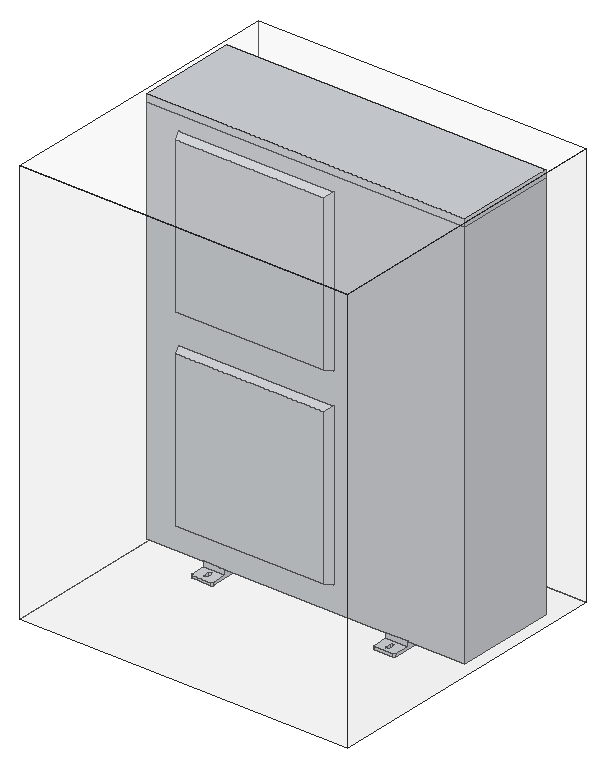
Revit family "puz-dhrmp80140ka3_50hz", category 機械設備, Revit 2019
Family settings
  丸型コネクタ寸法 = 直径を使用
  パーツ タイプ = 標準
  OmniClass 番号 = 23.75.10.24.21.27.27
  OmniClass タイトル = Split System Air Conditioning Units
  作業面ベース = いいえ
  常に垂直 = はい
  ロード時にボイドで切り取り = いいえ
  共有 = いいえ
  部屋計算ポイント = いいえ
Parameters (values of type "室外機_PUZ-DHRMP80KA3 (-BS_BSG)")
  音響パワーレベル_冷房 (dB) = 66
  音響パワーレベル_暖房 (dB) = 68
  音響パワーレベル(dB) = [音響パワーレベル_暖房 (dB)]  # 68
  電源種別 = ""
  電源位置Y = 2 mm
  電源位置Z = 1063 mm
  電源位置X = 325 mm
  電圧 = 200 V
  電動機出力_送風機 = 0.12 kW
  電動機出力_圧縮機 = 1.5 kW
  集中コントローラ [instance] = ""
  運転質量 = 0.00 kg
  運転方法 = "冷暖切替"
  質量 = if(製品質量 > 運転質量, 製品質量, 運転質量) * 1.2  # 138.00 kg
  負荷分類 = 1_熱源類
  説明 = "空冷H/P PAC インバータ室外機"
  設計暖房能力 [instance] = 0 kW
  設計冷房能力_顕熱 [instance] = 0 kW
  設計冷房能力 [instance] = 0 kW
  設置方法 = "床置形"
  記号 [instance] = ""
  製造元 = "三菱電機株式会社"
  製品質量 = 115.00 kg
  製品出荷対象 = "国内"
  製品リリース年月 = ""
  製品グループ = ""
  系統 [instance] = ""
  符号 = "PAC"
  積算_科目 = "1 空気調和設備"
  積算_拾い区分 [instance] = ""
  相 = 3
  盤記号 [instance] = ""
  発停方法 = "付属スイッチ"
  特殊仕様 [instance] = ""
  消費電力_暖房 = 1.92 kW
  消費電力_冷房 = 1.77 kW
  消費電力 = if(消費電力_冷房 > 消費電力_暖房, 消費電力_冷房, 消費電力_暖房)  # 1.92 kW
  法定耐用年数 = "6"
  構成品番 = "PUZ-DHRMP80KA3 (-BS,-BSG)"
  極数 = 3
  材質 [instance] = ""
  本体マテリアル = none
  最小電線太さ_mm2 = 5.5
  最大電流値 = 0 A
  暖房能力 = 8 kW
  推奨ブレーカー容量 = 30 A
  据付ピッチ1 = 0 mm
  形式 = "パッケージ形 室外機"
  形名 = PUZ-ZRMP-3 : PUZ-ZRMP112KA11
  幹線記号 [instance] = ""
  始動方式 = "インバータ始動方式"
  呼称 = "パッケージ形空気調和機_室外機"
  周波数 = 50 Hz
  価格 = 0
  ドレン　位置Z = 23 mm
  ドレン　位置Y = 176 mm
  ドレン　位置X = 45 mm
  アンカーボルト位置Y = 370 mm
  アンカーボルト位置X = 600 mm
  参照している仕様書等のバージョン = "公共建築物標準仕様書（機械設備工事編）平成31年度版"
  分類コード = "5.0053E+13"
  分類グループ = ""
  冷房能力 = 7.1 kW
  冷媒管（ガス）位置X = 483 mm
  冷媒管（液）位置X = 423 mm
  冷媒管（液）位置Y = 290 mm
  冷媒管（ガス）位置Y = 234 mm
  冷媒管長 [instance] = 0 mm
  冷媒管径符号 = "Bd"
  冷媒管径 = 100.00 mm
  冷媒管位置Z = 450 mm
  冷媒管位置Y = (冷媒管（液）位置Y + 冷媒管（ガス）位置Y) / 2  # 262 mm
  冷媒管位置X = (冷媒管（液）位置X + 冷媒管（ガス）位置X) / 2  # 453 mm
  冷媒液管径 = 9.52 mm
  冷媒ガス管径 = 15.88 mm
  企業コード = "108420"
  付属品 [instance] = ""
  仕様書バージョン = "Version1.0"
  ユニット数 = 1
  Model = ""
  ドレン管径 = 33.00 mm
  サービススペース = yes
  コメント [instance] = ""
  ケーブル種類1 = ""
  【値が 0 の項目は組合せ形名にてご確認ください】 = ""
  Width = 1050 mm
  Version = ""
  Uniclass2015Version = "Systems v1.9"
  Uniclass2015Title = "Split coil remote air cooled condensing units"
  Uniclass2015Code = "Pr_70_65_03_84"
  URL = "https://www.mitsubishielectric.co.jp/ldg/wink/ssl/top.do"
  SpecificationReference = ""
  SpecificationDescription = ""
  Revision = ""
  ProductInformation = ""
  OmniClassCode = "23-33 17 13 11"
  IfcTypeProduct = ""
  IfcProduct = ""
  IfcExportType = "AIRCONDITIONINGUNIT"
  IfcExportAs = "IfcUnitaryEquipmentType"
  Height = 1338 mm
  Depth = 330 mm
  Clearance Top = 0 mm
  Clearance Right = 15 mm
  Clearance Left = 15 mm
  Clearance Front = 500 mm
  Clearance Bottom = 0 mm
  Clearance Back = 150 mm
  COP = 0
  Author = "三菱電機株式会社"
  APF = 0
Reference planes
  plane 1 "中心(正面/背面)": y = 74
  plane 2: z = 0
  plane 3 "中心(左/右)": x = 830
  plane 4 "右": x = 1355
  plane 5 "左": x = 305
  plane 6 "背面": y = 239
  plane 7 "正面": y = -91
  plane 8 "上部": z = 1338
  plane 9 "Clearanse Top": z = 1338
  plane 10 "SS_back": y = 389
  plane 11 "SS_front": y = -591
  plane 12 "SS_left": x = 290
  plane 13 "SS_right": x = 1370
  plane 14: z = 0
  plane 15: y = -89
  plane 16: x = 1155
  plane 17: z = 1063
  plane 18: y = -87
  plane 19: y = -23
  plane 20: x = 1283
  plane 21: z = 450
  plane 22: z = 452
  plane 23: y = 63
  plane 24: x = 350
  plane 25: z = 25
  plane 26: z = 23
  plane 27: x = 530
  plane 28: x = 1130
  plane 29: y = 259
  plane 30: y = -111
Forms (mm)
  Extrusion 1, solid, detail levels fine
    sketch origin (0, -91, 0) x (1, 0, 0) y (0, 0, 1)
      loop
        circle (1155, 1063) r 13.5
    from -4 to -2
  Extrusion 2, solid, detail levels fine
    sketch origin (-1437.329, -1524, 54) x (-1, 0, 0) y (0, -1, 0)
      loop
        circle (-2720.329, -1501) r 50
    from 396 to 398
  Extrusion 3, solid, detail levels fine
    sketch origin (-1437.329, -1524, 54) x (-1, 0, 0) y (0, -1, 0)
      loop
        circle (-1787.329, -1587) r 16.5
    from -31 to -29
Lines and regions (mm)
  model lines, not visible
    curve 1: line (460, 178.667, 1289.179) -> (460, 297.73, 1289.179)
    curve 2: line (460, 178.667, 1056.056) -> (460, 178.667, 1289.179)
    curve 3: line (460, 297.73, 1056.056) -> (460, 178.667, 1056.056)
    curve 4: line (460, 297.73, 1289.179) -> (460, 297.73, 1056.056)
    curve 5: line (460, 47.598, 1289.179) -> (460, 166.661, 1289.179)
    curve 6: line (460, 47.598, 1056.056) -> (460, 47.598, 1289.179)
    curve 7: line (460, 166.661, 1056.056) -> (460, 47.598, 1056.056)
    curve 8: line (460, 166.661, 1289.179) -> (460, 166.661, 1056.056)
    curve 9: line (460, -83.471, 1289.179) -> (460, 35.592, 1289.179)
    curve 10: line (460, -83.471, 1056.056) -> (460, -83.471, 1289.179)
    curve 11: line (460, 35.592, 1056.056) -> (460, -83.471, 1056.056)
    curve 12: line (460, 35.592, 1289.179) -> (460, 35.592, 1056.056)
    curve 13: line (460, -150.779, 1289.179) -> (460, -95.75, 1289.179)
    curve 14: line (460, -150.779, 1056.056) -> (460, -150.779, 1289.179)
    curve 15: line (460, -95.75, 1056.056) -> (460, -150.779, 1056.056)
    curve 16: line (460, -95.75, 1289.179) -> (460, -95.75, 1056.056)
    curve 17: line (460, -150.779, 1283.175) -> (460, -132.596, 1283.175)
    curve 18: line (460, -150.779, 1062.059) -> (460, -150.779, 1283.175)
    curve 19: line (460, -132.596, 1062.059) -> (460, -150.779, 1062.059)
    curve 20: line (460, -132.596, 1283.175) -> (460, -132.596, 1062.059)
    curve 21: line (460, 178.667, 1046.051) -> (460, 297.73, 1046.051)
    curve 22: line (460, 178.667, 812.928) -> (460, 178.667, 1046.051)
    curve 23: line (460, 297.73, 812.928) -> (460, 178.667, 812.928)
    curve 24: line (460, 297.73, 1046.051) -> (460, 297.73, 812.928)
    curve 25: line (460, 47.598, 1046.051) -> (460, 166.661, 1046.051)
    curve 26: line (460, 47.598, 812.928) -> (460, 47.598, 1046.051)
    curve 27: line (460, 166.661, 812.928) -> (460, 47.598, 812.928)
    curve 28: line (460, 166.661, 1046.051) -> (460, 166.661, 812.928)
    curve 29: line (460, -83.471, 1046.051) -> (460, 35.592, 1046.051)
    curve 30: line (460, -83.471, 812.928) -> (460, -83.471, 1046.051)
    curve 31: line (460, 35.592, 812.928) -> (460, -83.471, 812.928)
    curve 32: line (460, 35.592, 1046.051) -> (460, 35.592, 812.928)
    curve 33: line (460, -150.779, 1046.051) -> (460, -95.75, 1046.051)
    curve 34: line (460, -150.779, 812.928) -> (460, -150.779, 1046.051)
    curve 35: line (460, -95.75, 812.928) -> (460, -150.779, 812.928)
    curve 36: line (460, -95.75, 1046.051) -> (460, -95.75, 812.928)
    curve 37: line (460, -150.779, 1040.048) -> (460, -132.596, 1040.048)
    curve 38: line (460, -150.779, 818.931) -> (460, -150.779, 1040.048)
    curve 39: line (460, -132.596, 818.931) -> (460, -150.779, 818.931)
    curve 40: line (460, -132.596, 1040.048) -> (460, -132.596, 818.931)
    curve 41: line (460, 178.667, 802.923) -> (460, 297.73, 802.923)
    curve 42: line (460, 178.667, 569.8) -> (460, 178.667, 802.923)
    curve 43: line (460, 297.73, 569.8) -> (460, 178.667, 569.8)
    curve 44: line (460, 297.73, 802.923) -> (460, 297.73, 569.8)
    curve 45: line (460, 47.598, 802.923) -> (460, 166.661, 802.923)
    curve 46: line (460, 47.598, 569.8) -> (460, 47.598, 802.923)
    curve 47: line (460, 166.661, 569.8) -> (460, 47.598, 569.8)
    curve 48: line (460, 166.661, 802.923) -> (460, 166.661, 569.8)
    curve 49: line (460, -83.471, 802.923) -> (460, 35.592, 802.923)
    curve 50: line (460, -83.471, 569.8) -> (460, -83.471, 802.923)
    curve 51: line (460, 35.592, 569.8) -> (460, -83.471, 569.8)
    curve 52: line (460, 35.592, 802.923) -> (460, 35.592, 569.8)
    curve 53: line (460, -150.779, 802.923) -> (460, -95.75, 802.923)
    curve 54: line (460, -150.779, 569.8) -> (460, -150.779, 802.923)
    curve 55: line (460, -95.75, 569.8) -> (460, -150.779, 569.8)
    curve 56: line (460, -95.75, 802.923) -> (460, -95.75, 569.8)
    curve 57: line (460, -150.779, 796.92) -> (460, -132.596, 796.92)
    curve 58: line (460, -150.779, 575.803) -> (460, -150.779, 796.92)
    curve 59: line (460, -132.596, 575.803) -> (460, -150.779, 575.803)
    curve 60: line (460, -132.596, 796.92) -> (460, -132.596, 575.803)
    curve 61: line (460, 178.667, 559.795) -> (460, 297.73, 559.795)
    curve 62: line (460, 178.667, 326.672) -> (460, 178.667, 559.795)
    curve 63: line (460, 297.73, 326.672) -> (460, 178.667, 326.672)
    curve 64: line (460, 297.73, 559.795) -> (460, 297.73, 326.672)
    curve 65: line (460, 47.598, 559.795) -> (460, 166.661, 559.795)
    curve 66: line (460, 47.598, 326.672) -> (460, 47.598, 559.795)
    curve 67: line (460, 166.661, 326.672) -> (460, 47.598, 326.672)
    curve 68: line (460, 166.661, 559.795) -> (460, 166.661, 326.672)
    curve 69: line (460, -83.471, 559.795) -> (460, 35.592, 559.795)
    curve 70: line (460, -83.471, 326.672) -> (460, -83.471, 559.795)
    curve 71: line (460, 35.592, 326.672) -> (460, -83.471, 326.672)
    curve 72: line (460, 35.592, 559.795) -> (460, 35.592, 326.672)
    curve 73: line (460, -150.779, 559.795) -> (460, -95.75, 559.795)
    curve 74: line (460, -150.779, 326.672) -> (460, -150.779, 559.795)
    curve 75: line (460, -95.75, 326.672) -> (460, -150.779, 326.672)
    curve 76: line (460, -95.75, 559.795) -> (460, -95.75, 326.672)
    curve 77: line (460, -150.779, 553.792) -> (460, -132.596, 553.792)
    curve 78: line (460, -150.779, 332.675) -> (460, -150.779, 553.792)
    curve 79: line (460, -132.596, 332.675) -> (460, -150.779, 332.675)
    curve 80: line (460, -132.596, 553.792) -> (460, -132.596, 332.675)
    curve 81: line (460, 178.667, 316.667) -> (460, 297.73, 316.667)
    curve 82: line (460, 178.667, 83.544) -> (460, 178.667, 316.667)
    curve 83: line (460, 297.73, 83.544) -> (460, 178.667, 83.544)
    curve 84: line (460, 297.73, 316.667) -> (460, 297.73, 83.544)
    curve 85: line (460, 47.598, 316.667) -> (460, 166.661, 316.667)
    curve 86: line (460, 47.598, 83.544) -> (460, 47.598, 316.667)
    curve 87: line (460, 166.661, 83.544) -> (460, 47.598, 83.544)
    curve 88: line (460, 166.661, 316.667) -> (460, 166.661, 83.544)
    curve 89: line (460, -83.471, 316.667) -> (460, 35.592, 316.667)
    curve 90: line (460, -83.471, 83.544) -> (460, -83.471, 316.667)
    curve 91: line (460, 35.592, 83.544) -> (460, -83.471, 83.544)
    curve 92: line (460, 35.592, 316.667) -> (460, 35.592, 83.544)
    curve 93: line (460, -150.779, 316.667) -> (460, -95.75, 316.667)
    curve 94: line (460, -150.779, 83.544) -> (460, -150.779, 316.667)
    curve 95: line (460, -95.75, 83.544) -> (460, -150.779, 83.544)
    curve 96: line (460, -95.75, 316.667) -> (460, -95.75, 83.544)
    curve 97: line (460, -150.779, 310.664) -> (460, -132.596, 310.664)
    curve 98: line (460, -150.779, 89.547) -> (460, -150.779, 310.664)
    curve 99: line (460, -132.596, 89.547) -> (460, -150.779, 89.547)
    curve 100: line (460, -132.596, 310.664) -> (460, -132.596, 89.547)
Dimensions and locks
  equal spacing: plane 7 "正面", plane 1 "中心(正面/背面)", plane 6 "背面"
  "Depth": plane 7 "正面" to plane 6 "背面"
  "Width": plane 5 "左" to plane 4 "右"
  equal spacing: plane 5 "左", plane 3 "中心(左/右)", plane 4 "右"
  "Clearance Left": plane 12 "SS_left" to plane 5 "左"
  "Clearance Right": plane 4 "右" to plane 13 "SS_right"
  "Clearance Back": plane 6 "背面" to plane 10 "SS_back"
  "Clearance Front": plane 11 "SS_front" to plane 7 "正面"
  "Height": plane 8 "上部" to level
  "Clearance Top": plane 9 "Clearanse Top" to plane 8 "上部"
  "Clearance Bottom": level to plane 14
  "電源位置X": plane 3 "中心(左/右)" to plane 16
  "電源位置Y": plane 7 "正面" to plane 15
  "電源位置Z": plane 17 to level
  locked: plane 15 to plane 18 at 2
  "冷媒管位置X": plane 3 "中心(左/右)" to plane 20
  "冷媒管位置Y": plane 19 to plane 6 "背面"
  "冷媒管位置Z": plane 21 to level
  locked: plane 22 to plane 21 at 2
  "ドレン　位置X": plane 5 "左" to plane 24
  "ドレン　位置Y": plane 23 to plane 6 "背面"
  locked: plane 25 to plane 26 at 2
  "ドレン　位置Z": plane 26 to level
  equal spacing: plane 30, plane 1 "中心(正面/背面)", plane 29
  "アンカーボルト位置Y": plane 30 to plane 29
  equal spacing: plane 27, plane 3 "中心(左/右)", plane 28
  "アンカーボルト位置X": plane 27 to plane 28
  radius of Extrusion 1 sketch curve = 13.5 mm
  "冷媒管径": diameter of Extrusion 2 sketch curve
  "ドレン管径": diameter of Extrusion 3 sketch curve
  aligned and locked: level to plane 2
  aligned and locked: plane 10 "SS_back" to nested 1  (x2)
  aligned and locked: plane 13 "SS_right" to nested 1
  aligned and locked: plane 12 "SS_left" to nested 1  (x2)
  aligned and locked: nested 1 to plane 13 "SS_right"
  aligned and locked: plane 11 "SS_front" to nested 1
  aligned and locked: plane 9 "Clearanse Top" to nested 1
  aligned and locked: plane 1 "中心(正面/背面)" to nested 2
  aligned and locked: plane 3 "中心(左/右)" to nested 2
  aligned and locked: plane 14 to nested 1
  aligned and locked: plane 17 to Extrusion 1 sketch curve
  aligned and locked: plane 16 to Extrusion 1 sketch curve
  aligned and locked: Extrusion 1 to plane 18
  aligned and locked: plane 15 to Extrusion 1
  aligned and locked: plane 19 to Extrusion 2 sketch curve
  aligned and locked: plane 20 to Extrusion 2 sketch curve
  aligned and locked: plane 22 to Extrusion 2
  aligned and locked: Extrusion 2 to plane 21
  aligned and locked: plane 24 to Extrusion 3 sketch curve
  aligned and locked: plane 23 to Extrusion 3 sketch curve
  aligned and locked: plane 25 to Extrusion 3
  aligned and locked: Extrusion 3 to plane 26
  aligned and locked: plane 27 to nested 3
  aligned and locked: plane 29 to nested 3
Nested families
  nested 1: "サービススペース" at (830, -101, 669), visible <- "サービススペース", type "サービススペース"
    with Width 1080 mm, Height 1338 mm, Depth 980 mm
  nested 2: "PUZ-ZRMP-3" at (830, 74, 0), type <- "形名", type "PUZ-ZRMP112KA11"
  nested 3: "固定点" at (530, -111, 0), type "固定点"
    with W 600 mm, D 370 mm
Connectors
  piping at (1283, -23, 450), diameter 100, driven by "冷媒管径", driven by "冷媒管径符号"
    settings: on Extrusion 2, index 1, connector inside diameter 609.60 mm, connector length 0 mm, flow factor 0, pipe flow 0.0 L/s, pressure drop 0.0 Pa, fitting loss kfactor 0, connector angle 0.00°, fixture units 0, engagement length 0 mm, angle of deflection 0.00°, flow configuration 1, flow direction 2, fitting loss method 4, system type 7, joint type 0, gender type 0, connector reference index -1, connector utility 0, adjustable connector no, is connector primary yes, connector description "Bd"
  electrical at (1155, -89, 1063), driven by "極数", driven by "負荷分類", driven by "電圧", driven by "消費電力"
    settings: on Extrusion 1, index 2, voltage 200 V, apparent load 1920 VA, apparent load phase1 0 VA, apparent load phase2 0 VA, apparent load phase3 0 VA, power factor 1, load classification "1_熱源類", number of poles 3, system type 30, power factor state 1, is connector primary yes, connector utility no, sub classification motor no, connector description ""
Definition of nested family "サービススペース"
  Parameters (values of type "サービススペース")
    Width [instance] = 500 mm
    Height [instance] = 500 mm
    Depth [instance] = 500 mm
  Reference planes
    plane 1 "中心(正面/背面)": y = 0
    plane 2: z = 0
    plane 3 "中心(左/右)": x = 0
    plane 4: y = -250
    plane 5: x = 250
    plane 6: y = 250
    plane 7: x = -250
    plane 8: z = 250
    plane 9: z = -250
  Forms (mm)
    Extrusion 1, solid
      sketch origin (-638.939, 0, 72.39) x (1, 0, 0) y (0, 1, 0)
        loop
          line (388.939, 250) -> (388.939, -250) -> (888.939, -250) -> (888.939, 250) -> (388.939, 250)
      from -322.39 to 177.61
  Lines and regions (mm)
    symbolic lines
      curve 1: line (-250, 0, 250) -> (250, 0, 250)
      curve 2: line (-250, 0, -250) -> (-250, 0, 250)
      curve 3: line (250, 0, -250) -> (-250, 0, -250)
      curve 4: line (250, 0, 250) -> (250, 0, -250)
      curve 5: line (0, -250, 250) -> (0, 250, 250)
      curve 6: line (0, -250, -250) -> (0, -250, 250)
      curve 7: line (0, 250, -250) -> (0, -250, -250)
      curve 8: line (0, 250, 250) -> (0, 250, -250)
      curve 9: line (-250, 250, 0) -> (250, 250, 0)
      curve 10: line (-250, -250, 0) -> (-250, 250, 0)
      curve 11: line (250, -250, 0) -> (-250, -250, 0)
      curve 12: line (250, 250, 0) -> (250, -250, 0)
  Dimensions and locks
    equal spacing: plane 7, plane 3 "中心(左/右)", plane 5
    equal spacing: plane 4, plane 1 "中心(正面/背面)", plane 6
    "Depth": plane 4 to plane 6
    "Width": plane 7 to plane 5
    equal spacing: plane 8, plane 2, plane 9
    "Height": plane 8 to plane 9
    aligned and locked: plane 9 to curve 3
    aligned and locked: plane 7 to curve 2
    aligned and locked: curve 4 to plane 5
    aligned and locked: plane 5 to Extrusion 1
    aligned and locked: Extrusion 1 to plane 7
    aligned and locked: Extrusion 1 to plane 9
    aligned and locked: plane 8 to Extrusion 1
    aligned and locked: plane 9 to curve 7
  Automatic sketch dimensions
    plane 4 to Extrusion 1 sketch curve = 0 mm
    Extrusion 1 sketch curve to plane 7 = 0 mm
    Extrusion 1 sketch curve to plane 5 = 0 mm
    plane 6 to Extrusion 1 sketch curve = 0 mm
    curve 2 to plane 8 = 0 mm
    plane 4 to curve 11 = 0 mm
    curve 11 to plane 7 = 0 mm
    curve 11 to plane 5 = 0 mm
    plane 6 to curve 10 = 0 mm
    curve 7 to plane 4 = 0 mm
    curve 7 to plane 6 = 0 mm
    curve 6 to plane 8 = 0 mm
Definition of nested family "PUZ-ZRMP-3"
  Parameters (values of type "PUZ-ZRMP112KA11")
    配線取出口サイズ = 27 mm
    配線取出口-Z = 1063 mm
    配線取出口-Y = 325 mm
    配線取出口-X = 325 mm
    液配管サイズ = 100 mm
    高さ = 1338 mm
    換気-W = 362 mm
    換気-H2 = 632 mm
    換気-H1 = 369 mm
    換気-D = 25 mm
    奥行き = 330 mm
    吊りボルト_H = 0 mm
    吊りボルト-φ = 12 mm
    冷媒配管サイズ = 9.52 mm
    冷媒液管径-Z = 450 mm
    冷媒液管径-Y = 290 mm
    冷媒液管径-X = 423 mm
    冷媒ガス管径-Z = 421 mm
    冷媒ガス管径-Y = 234 mm
    冷媒ガス管径-X = 483 mm
    吊りボルト-W = 600 mm
    マテリアル = none
    ドレン配管サイズ = 33 mm
    ドレン管径-Z = 0 mm
    ドレン管径-Y = 154 mm
    ドレン管径-X = 480 mm
    タイプ3 = yes
    タイプ2 = no
    タイプ1 = no
    ガス配管サイズ = 15.88 mm
    吊りボルト-D = 370 mm
    幅さ = 1050 mm
    a = 幅さ / 2  # 525 mm
  Reference planes
    plane 1 "中心(正面/背面)": y = 0
    plane 2: z = 0
    plane 3 "中心(左/右)": x = 0
    plane 4: z = 1338
    plane 5: x = -525
    plane 6: x = 525
    plane 7: y = 165
    plane 8: y = -165
    plane 9: x = 587
    plane 10: y = -105
    plane 11: y = 5
    plane 12: z = 1313
    plane 13: x = -545
    plane 14: x = -300
    plane 15: x = 300
    plane 16: y = 185
    plane 17: y = -185
    plane 18: x = 335
    plane 19: x = 265
    plane 20: x = -265
    plane 21: x = -335
    plane 22: y = 204
    plane 23: y = -218
    plane 24: z = 8.5
    plane 25: z = 25
    plane 26: z = 23
    plane 27: z = 1333
    plane 28: y = -40
    plane 29: y = 40
    plane 30: y = -30
    plane 31: y = 30
    plane 32: z = 1318
    plane 33: z = 55
    plane 34: z = 225
    plane 35: z = 570
    plane 36: x = 535
    plane 37: x = 556
    plane 38: y = -190
    plane 39: x = -163
    plane 40: z = 369
    plane 41: x = 91
    plane 42: x = -417
    plane 43: z = 633
    plane 44: z = 105
    plane 45: x = -407
    plane 46: x = 81
    plane 47: z = 623
    plane 48: z = 115
    plane 49: y = 115
    plane 50: y = -115
    plane 51: x = -480
    plane 52: y = -11
    plane 53: x = 483
    plane 54: x = 325
    plane 55: y = -160
    plane 56: y = -125
    plane 57: y = -69
    plane 58: x = 423
    plane 59: z = 421
    plane 60: z = 450
    plane 61: z = 1063
    plane 62: y = -110
    plane 63: z = 550
    plane 64: z = 550
    plane 65: x = 453
    plane 66: y = -97
    plane 67 "グループ": x = -525
    plane 68: z = 1338
    plane 69: z = 943
    plane 70: z = 1001
    plane 71: z = 1265
    plane 72: z = 737
    plane 73: z = 1255
    plane 74: z = 747
    plane 75: y = 125
    plane 76: x = -370
    plane 77: x = -210
    plane 78: x = -50
    plane 79: x = 110
  Forms (mm)
    Extrusion 1, solid, visible <- "タイプ3", detail levels fine
      sketch origin (-1437.329, -1524, 1338) x (-1, 0, 0) y (0, -1, 0)
        loop
          line (-1102.329, -1689) -> (-1102.329, -1359) -> (-1172.329, -1359) -> (-1172.329, -1689) -> (-1102.329, -1689)
        loop
          line (-1702.329, -1689) -> (-1702.329, -1359) -> (-1772.329, -1359) -> (-1772.329, -1689) -> (-1702.329, -1689)
      from -1338 to -1313
    Extrusion 2, solid, material <- "マテリアル", visible <- "タイプ3", detail levels fine
      sketch origin (-1437.329, -1524, 1338) x (-1, 0, 0) y (0, -1, 0)
        loop
          line (-1962.329, -1689) -> (-912.329, -1689) -> (-912.329, -1359) -> (-1962.329, -1359) -> (-1962.329, -1689)
      from -1313 to -25
    Extrusion 3, solid, material <- "マテリアル", visible <- "タイプ3", detail levels fine
      sketch origin (-1437.329, -1524, 1338) x (-1, 0, 0) y (0, -1, 0)
        loop
          line (-912.329, -1689) -> (-912.329, -1359) -> (-1962.329, -1359) -> (-1962.329, -1689) -> (-912.329, -1689)
      from -25 to 0
    Blend 4, solid, material <- "マテリアル", visible <- "タイプ3", detail levels fine
      base sketch origin (0, 0, 0) x (1, 0, 0) y (0, 0, 1)
        loop
          line (-417, 633) -> (-417, 105) -> (91, 105) -> (91, 633) -> (-417, 633)
      top sketch origin (0, 0, 0) x (1, 0, 0) y (0, 0, 1)
        loop
          line (-407, 623) -> (-407, 115) -> (81, 115) -> (81, 623) -> (-407, 623)
      from 165 to 190
    Extrusion 5, solid, material <- "マテリアル", visible <- "タイプ3", detail levels fine
      sketch origin (-1437.329, -1524, 1338) x (-1, 0, 0) y (0, -1, 0)
        loop
          circle (-1920.329, -1455) r 7.94
      from -917 to -788
    Extrusion 6, solid, material <- "マテリアル", visible <- "タイプ3", detail levels fine
      sketch origin (-1437.329, -1524, 1338) x (-1, 0, 0) y (0, -1, 0)
        loop
          circle (-1860.329, -1399) r 4.76
      from -888 to -788
    Extrusion 7, solid, material <- "マテリアル", visible <- "タイプ3", detail levels fine
      sketch origin (1480.036, -190, 1200) x (1, 0, 0) y (0, 0, 1)
        loop
          circle (-1155.036, -137) r 13.5
      from -80 to -30
    Extrusion 8, solid, material <- "マテリアル", visible <- "タイプ3", detail levels fine
      sketch origin (-1437.329, -1524, 1338) x (-1, 0, 0) y (0, -1, 0)
        loop
          circle (-1890.329, -1427) r 50
      from -888 to -788
    Blend 9, solid, material <- "マテリアル", visible <- "タイプ3", detail levels fine
      base sketch origin (1480.036, -190, 1200) x (1, 0, 0) y (0, 0, 1)
        loop
          line (-1897.036, 65) -> (-1897.036, -463) -> (-1389.036, -463) -> (-1389.036, 65) -> (-1897.036, 65)
      top sketch origin (1480.036, -190, 1200) x (1, 0, 0) y (0, 0, 1)
        loop
          line (-1887.036, 55) -> (-1887.036, -453) -> (-1399.036, -453) -> (-1399.036, 55) -> (-1887.036, 55)
      from -25 to 0
    Extrusion 10, solid, visible <- "タイプ3", detail levels fine
      sketch origin (-1437.329, -1524, 1338) x (-1, 0, 0) y (0, -1, 0)
        loop
          line (-1102.329, -1728) -> (-1102.329, -1689) -> (-1172.329, -1689) -> (-1172.329, -1728) -> (-1143.329, -1728) -> (-1143.329, -1709)
          arc (-1143.329, -1709) -> (-1137.329, -1703) -> (-1131.329, -1709) r 6
          line (-1131.329, -1709) -> (-1131.329, -1728) -> (-1102.329, -1728)
        loop
          line (-1102.329, -1359) -> (-1102.329, -1311)
          arc (-1102.329, -1311) -> (-1103.794, -1307.464) -> (-1107.329, -1306) r 5
          line (-1107.329, -1306) -> (-1167.329, -1306)
          arc (-1167.329, -1306) -> (-1170.865, -1307.464) -> (-1172.329, -1311) r 5
          line (-1172.329, -1311) -> (-1172.329, -1359) -> (-1102.329, -1359)
        loop
          arc (-1143.329, -1339) -> (-1137.329, -1345) -> (-1131.329, -1339) r 6
          line (-1131.329, -1339) -> (-1131.329, -1324)
          arc (-1131.329, -1324) -> (-1137.329, -1318) -> (-1143.329, -1324) r 6
          line (-1143.329, -1324) -> (-1143.329, -1339)
        loop
          line (-1772.329, -1728) -> (-1743.329, -1728) -> (-1743.329, -1709)
          arc (-1743.329, -1709) -> (-1737.329, -1703) -> (-1731.329, -1709) r 6
          line (-1731.329, -1709) -> (-1731.329, -1728) -> (-1702.329, -1728) -> (-1702.329, -1689) -> (-1772.329, -1689) -> (-1772.329, -1728)
        loop
          line (-1772.329, -1359) -> (-1702.329, -1359) -> (-1702.329, -1311)
          arc (-1702.329, -1311) -> (-1703.794, -1307.464) -> (-1707.329, -1306) r 5
          line (-1707.329, -1306) -> (-1767.329, -1306)
          arc (-1767.329, -1306) -> (-1770.865, -1307.464) -> (-1772.329, -1311) r 5
          line (-1772.329, -1311) -> (-1772.329, -1359)
        loop
          line (-1731.329, -1339) -> (-1731.329, -1324)
          arc (-1731.329, -1324) -> (-1737.329, -1318) -> (-1743.329, -1324) r 6
          line (-1743.329, -1324) -> (-1743.329, -1339)
          arc (-1743.329, -1339) -> (-1737.329, -1345) -> (-1731.329, -1339) r 6
      from -1338 to -1329.5
    Extrusion 11, solid, material <- "マテリアル", visible <- "タイプ3", detail levels fine
      sketch origin (-1437.329, -1524, 1338) x (-1, 0, 0) y (0, -1, 0)
        loop
          circle (-957.329, -1513) r 16.5
        loop
          circle (-1067.329, -1649) r 16.5
        loop
          circle (-1227.329, -1649) r 16.5
        loop
          circle (-1387.329, -1649) r 16.5
        loop
          circle (-1547.329, -1649) r 16.5
      from -1315 to -1313
  Cuts and joins
    joined: Extrusion 1, Extrusion 10
  Lines and regions (mm)
    Masking region 1, visible <- "タイプ3", detail levels coarse+medium
      outline origin (-1437.329, -1524, 1338) x (-1, 0, 0) y (0, -1, 0)
        loop
          line (-1962.329, -1689) -> (-1772.329, -1689) -> (-1772.329, -1728) -> (-1702.329, -1728) -> (-1702.329, -1689) -> (-1172.329, -1689) -> (-1172.329, -1728) -> (-1102.329, -1728) -> (-1102.329, -1689) -> (-912.329, -1689) -> (-912.329, -1359) -> (-1020.329, -1359) -> (-1030.329, -1334) -> (-1102.329, -1334) -> (-1102.329, -1306) -> (-1172.329, -1306) -> (-1172.329, -1334) -> (-1518.329, -1334) -> (-1528.329, -1359) -> (-1702.329, -1359) -> (-1702.329, -1306) -> (-1772.329, -1306) -> (-1772.329, -1359) -> (-1962.329, -1359) -> (-1962.329, -1689)
    model lines, visible <- "タイプ3", detail levels fine
      curve 1: line (447, 115, 1338) -> (-445, 115, 1338)
      curve 2: line (-445, -115, 1338) -> (447, -115, 1338)
      curve 3: line (-445, -45, 1338) -> (447, -45, 1338)
      curve 4: line (447, 45, 1338) -> (-445, 45, 1338)
      curve 5: line (-445, -35, 1338) -> (447, -35, 1338)
      curve 6: line (447, 35, 1338) -> (-445, 35, 1338)
      curve 7: line (-445, 115, 1338) -> (-445, 45, 1338)
      curve 8: line (447, -115, 1338) -> (447, -45, 1338)
      curve 9: line (-445, 35, 1338) -> (-445, -35, 1338)
      curve 10: line (-445, -45, 1338) -> (-445, -115, 1338)
      curve 11: line (447, -35, 1338) -> (447, 35, 1338)
      curve 12: line (447, 45, 1338) -> (447, 115, 1338)
      curve 13: line (479, -115, 1338) -> (479, 115, 1338)
      curve 14: line (462, -115, 1338) -> (462, 115, 1338)
      curve 15: line (-475, 115, 1338) -> (-475, -115, 1338)
      curve 16: line (-460, 115, 1338) -> (-460, -115, 1338)
      curve 17: line (-460, 115, 1338) -> (-475, 115, 1338)
      curve 18: line (-460, -115, 1338) -> (-475, -115, 1338)
      curve 19: line (462, 115, 1338) -> (479, 115, 1338)
      curve 20: line (462, -115, 1338) -> (479, -115, 1338)
      curve 21: line (-407, -190, 416.5) -> (81, -190, 416.5)
      curve 22: line (81, -190, 321.5) -> (-407, -190, 321.5)
      curve 23: line (-407, -190, 511.5) -> (81, -190, 511.5)
      curve 24: line (-407, -190, 606.5) -> (81, -190, 606.5)
      curve 25: line (81, -190, 226.5) -> (-407, -190, 226.5)
      curve 26: line (81, -190, 131.5) -> (-407, -190, 131.5)
      curve 27: line (-389.571, -190, 623) -> (-389.571, -190, 115)
      curve 28: line (63.571, -190, 115) -> (63.571, -190, 623)
      curve 29: line (-372.143, -190, 623) -> (-372.143, -190, 115)
      curve 30: line (-354.714, -190, 623) -> (-354.714, -190, 115)
      curve 31: line (-337.286, -190, 623) -> (-337.286, -190, 115)
      curve 32: line (-319.857, -190, 623) -> (-319.857, -190, 115)
      curve 33: line (-302.429, -190, 623) -> (-302.429, -190, 115)
      curve 34: line (-285, -190, 623) -> (-285, -190, 115)
      curve 35: line (-267.571, -190, 623) -> (-267.571, -190, 115)
      curve 36: line (-250.143, -190, 623) -> (-250.143, -190, 115)
      curve 37: line (-232.714, -190, 623) -> (-232.714, -190, 115)
      curve 38: line (-215.286, -190, 623) -> (-215.286, -190, 115)
      curve 39: line (-197.857, -190, 623) -> (-197.857, -190, 115)
      curve 40: line (-180.429, -190, 623) -> (-180.429, -190, 115)
      curve 41: line (-163, -190, 623) -> (-163, -190, 115)
      curve 42: line (-145.571, -190, 623) -> (-145.571, -190, 115)
      curve 43: line (-128.143, -190, 623) -> (-128.143, -190, 115)
      curve 44: line (-110.714, -190, 623) -> (-110.714, -190, 115)
      curve 45: line (-93.286, -190, 623) -> (-93.286, -190, 115)
      curve 46: line (-75.857, -190, 623) -> (-75.857, -190, 115)
      curve 47: line (-58.429, -190, 623) -> (-58.429, -190, 115)
      curve 48: line (-41, -190, 623) -> (-41, -190, 115)
      curve 49: line (-23.571, -190, 623) -> (-23.571, -190, 115)
      curve 50: line (-6.143, -190, 623) -> (-6.143, -190, 115)
      curve 51: line (11.286, -190, 623) -> (11.286, -190, 115)
      curve 52: line (28.714, -190, 623) -> (28.714, -190, 115)
      curve 53: line (46.143, -190, 623) -> (46.143, -190, 115)
      curve 54: line (-525, -100, 87) -> (-525, -60, 87)
      curve 55: line (-525, -100, 277) -> (-525, -100, 87)
      curve 56: line (-525, -60, 277) -> (-525, -100, 277)
      curve 57: line (-525, -60, 87) -> (-525, -60, 277)
      curve 58: line (-525, -100, 292) -> (-525, -60, 292)
      curve 59: line (-525, -100, 482) -> (-525, -100, 292)
      curve 60: line (-525, -60, 482) -> (-525, -100, 482)
      curve 61: line (-525, -60, 292) -> (-525, -60, 482)
      curve 62: line (-525, -100, 497) -> (-525, -60, 497)
      curve 63: line (-525, -100, 687) -> (-525, -100, 497)
      curve 64: line (-525, -60, 687) -> (-525, -100, 687)
      curve 65: line (-525, -60, 497) -> (-525, -60, 687)
      curve 66: line (-525, -100, 702) -> (-525, -60, 702)
      curve 67: line (-525, -100, 892) -> (-525, -100, 702)
      curve 68: line (-525, -60, 892) -> (-525, -100, 892)
      curve 69: line (-525, -60, 702) -> (-525, -60, 892)
      curve 70: line (-525, 60, 87) -> (-525, 100, 87)
      curve 71: line (-525, 60, 277) -> (-525, 60, 87)
      curve 72: line (-525, 100, 277) -> (-525, 60, 277)
      curve 73: line (-525, 100, 87) -> (-525, 100, 277)
      curve 74: line (-525, -46.667, 87) -> (-525, -6.667, 87)
      curve 75: line (-525, -46.667, 277) -> (-525, -46.667, 87)
      curve 76: line (-525, -6.667, 277) -> (-525, -46.667, 277)
      curve 77: line (-525, -6.667, 87) -> (-525, -6.667, 277)
      curve 78: line (-525, 6.667, 87) -> (-525, 46.667, 87)
      curve 79: line (-525, 6.667, 277) -> (-525, 6.667, 87)
      curve 80: line (-525, 46.667, 277) -> (-525, 6.667, 277)
      curve 81: line (-525, 46.667, 87) -> (-525, 46.667, 277)
      curve 82: line (-525, 60, 292) -> (-525, 100, 292)
      curve 83: line (-525, 60, 482) -> (-525, 60, 292)
      curve 84: line (-525, 100, 482) -> (-525, 60, 482)
      curve 85: line (-525, 100, 292) -> (-525, 100, 482)
      curve 86: line (-525, 60, 702) -> (-525, 100, 702)
      curve 87: line (-525, 60, 892) -> (-525, 60, 702)
      curve 88: line (-525, 100, 892) -> (-525, 60, 892)
      curve 89: line (-525, 100, 702) -> (-525, 100, 892)
      curve 90: line (-525, -46.667, 292) -> (-525, -6.667, 292)
      curve 91: line (-525, -46.667, 482) -> (-525, -46.667, 292)
      curve 92: line (-525, -6.667, 482) -> (-525, -46.667, 482)
      curve 93: line (-525, -6.667, 292) -> (-525, -6.667, 482)
      curve 94: line (-525, -46.667, 497) -> (-525, -6.667, 497)
      curve 95: line (-525, -46.667, 687) -> (-525, -46.667, 497)
      curve 96: line (-525, -6.667, 687) -> (-525, -46.667, 687)
      curve 97: line (-525, -6.667, 497) -> (-525, -6.667, 687)
      curve 98: line (-525, -46.667, 702) -> (-525, -6.667, 702)
      curve 99: line (-525, -46.667, 892) -> (-525, -46.667, 702)
      curve 100: line (-525, -6.667, 892) -> (-525, -46.667, 892)
      curve 101: line (-525, -6.667, 702) -> (-525, -6.667, 892)
      curve 102: line (-525, 6.667, 292) -> (-525, 46.667, 292)
      curve 103: line (-525, 6.667, 482) -> (-525, 6.667, 292)
      curve 104: line (-525, 46.667, 482) -> (-525, 6.667, 482)
      curve 105: line (-525, 46.667, 292) -> (-525, 46.667, 482)
      curve 106: line (-525, 6.667, 497) -> (-525, 46.667, 497)
      curve 107: line (-525, 6.667, 687) -> (-525, 6.667, 497)
      curve 108: line (-525, 46.667, 687) -> (-525, 6.667, 687)
      curve 109: line (-525, 46.667, 497) -> (-525, 46.667, 687)
      curve 110: line (-525, 6.667, 702) -> (-525, 46.667, 702)
      curve 111: line (-525, 6.667, 892) -> (-525, 6.667, 702)
      curve 112: line (-525, 46.667, 892) -> (-525, 6.667, 892)
      curve 113: line (-525, 46.667, 702) -> (-525, 46.667, 892)
      curve 114: line (-525, -100, 907) -> (-525, -60, 907)
      curve 115: line (-525, -100, 1097) -> (-525, -100, 907)
      curve 116: line (-525, -60, 1097) -> (-525, -100, 1097)
      curve 117: line (-525, -60, 907) -> (-525, -60, 1097)
      curve 118: line (-525, 60, 907) -> (-525, 100, 907)
      curve 119: line (-525, 60, 1097) -> (-525, 60, 907)
      curve 120: line (-525, 100, 1097) -> (-525, 60, 1097)
      curve 121: line (-525, 100, 907) -> (-525, 100, 1097)
      curve 122: line (-525, -46.667, 907) -> (-525, -6.667, 907)
      curve 123: line (-525, -46.667, 1097) -> (-525, -46.667, 907)
      curve 124: line (-525, -6.667, 1097) -> (-525, -46.667, 1097)
      curve 125: line (-525, -6.667, 907) -> (-525, -6.667, 1097)
      curve 126: line (-525, 6.667, 907) -> (-525, 46.667, 907)
      curve 127: line (-525, 6.667, 1097) -> (-525, 6.667, 907)
      curve 128: line (-525, 46.667, 1097) -> (-525, 6.667, 1097)
      curve 129: line (-525, 46.667, 907) -> (-525, 46.667, 1097)
      curve 130: line (-525, -100, 1112) -> (-525, -60, 1112)
      curve 131: line (-525, -100, 1302) -> (-525, -100, 1112)
      curve 132: line (-525, -60, 1302) -> (-525, -100, 1302)
      curve 133: line (-525, -60, 1112) -> (-525, -60, 1302)
      curve 134: line (-525, 60, 1112) -> (-525, 100, 1112)
      curve 135: line (-525, 60, 1302) -> (-525, 60, 1112)
      curve 136: line (-525, 100, 1302) -> (-525, 60, 1302)
      curve 137: line (-525, 100, 1112) -> (-525, 100, 1302)
      curve 138: line (-525, -46.667, 1112) -> (-525, -6.667, 1112)
      curve 139: line (-525, -46.667, 1302) -> (-525, -46.667, 1112)
      curve 140: line (-525, -6.667, 1302) -> (-525, -46.667, 1302)
      curve 141: line (-525, -6.667, 1112) -> (-525, -6.667, 1302)
      curve 142: line (-525, 6.667, 1112) -> (-525, 46.667, 1112)
      curve 143: line (-525, 6.667, 1302) -> (-525, 6.667, 1112)
      curve 144: line (-525, 46.667, 1302) -> (-525, 6.667, 1302)
      curve 145: line (-525, 46.667, 1112) -> (-525, 46.667, 1302)
      curve 303: line (81, -190, 1238.5) -> (-407, -190, 1238.5)
      curve 304: line (-407, -190, 763.5) -> (81, -190, 763.5)
      curve 305: line (-389.571, -190, 1255) -> (-389.571, -190, 747)
      curve 306: line (81, -190, 858.5) -> (-407, -190, 858.5)
      curve 307: line (81, -190, 1143.5) -> (-407, -190, 1143.5)
      curve 308: line (81, -190, 1048.5) -> (-407, -190, 1048.5)
      curve 309: line (-407, -190, 953.5) -> (81, -190, 953.5)
      curve 310: line (-372.143, -190, 1255) -> (-372.143, -190, 747)
      curve 311: line (-354.714, -190, 1255) -> (-354.714, -190, 747)
      curve 312: line (-337.286, -190, 1255) -> (-337.286, -190, 747)
      curve 313: line (-319.857, -190, 1255) -> (-319.857, -190, 747)
      curve 314: line (-302.429, -190, 1255) -> (-302.429, -190, 747)
      curve 315: line (-285, -190, 1255) -> (-285, -190, 747)
      curve 316: line (-267.571, -190, 1255) -> (-267.571, -190, 747)
      curve 317: line (-250.143, -190, 1255) -> (-250.143, -190, 747)
      curve 318: line (-232.714, -190, 1255) -> (-232.714, -190, 747)
      curve 319: line (-215.286, -190, 1255) -> (-215.286, -190, 747)
      curve 320: line (-197.857, -190, 1255) -> (-197.857, -190, 747)
      curve 321: line (-180.429, -190, 1255) -> (-180.429, -190, 747)
      curve 322: line (-163, -190, 1255) -> (-163, -190, 747)
      curve 323: line (-145.571, -190, 1255) -> (-145.571, -190, 747)
      curve 324: line (-128.143, -190, 1255) -> (-128.143, -190, 747)
      curve 325: line (-110.714, -190, 1255) -> (-110.714, -190, 747)
      curve 326: line (-93.286, -190, 1255) -> (-93.286, -190, 747)
      curve 327: line (-75.857, -190, 1255) -> (-75.857, -190, 747)
      curve 328: line (-58.429, -190, 1255) -> (-58.429, -190, 747)
      curve 329: line (-41, -190, 1255) -> (-41, -190, 747)
      curve 330: line (-23.571, -190, 1255) -> (-23.571, -190, 747)
      curve 331: line (-6.143, -190, 1255) -> (-6.143, -190, 747)
      curve 332: line (11.286, -190, 1255) -> (11.286, -190, 747)
      curve 333: line (28.714, -190, 1255) -> (28.714, -190, 747)
      curve 334: line (46.143, -190, 1255) -> (46.143, -190, 747)
      curve 335: line (63.571, -190, 1255) -> (63.571, -190, 747)
    model lines, visible <- "タイプ3", not visible, detail levels fine
      curve 146: line (-525, -100, 907) -> (-525, -60, 907)
      curve 147: line (-525, -100, 1097) -> (-525, -100, 907)
      curve 148: line (-525, -60, 1097) -> (-525, -100, 1097)
      curve 149: line (-525, -60, 907) -> (-525, -60, 1097)
      curve 150: line (-525, 60, 907) -> (-525, 100, 907)
      curve 151: line (-525, 60, 1097) -> (-525, 60, 907)
      curve 152: line (-525, 100, 1097) -> (-525, 60, 1097)
      curve 153: line (-525, 100, 907) -> (-525, 100, 1097)
      curve 154: line (-525, -46.667, 907) -> (-525, -6.667, 907)
      curve 155: line (-525, -46.667, 1097) -> (-525, -46.667, 907)
      curve 156: line (-525, -6.667, 1097) -> (-525, -46.667, 1097)
      curve 157: line (-525, -6.667, 907) -> (-525, -6.667, 1097)
      curve 158: line (-525, 6.667, 907) -> (-525, 46.667, 907)
      curve 159: line (-525, 6.667, 1097) -> (-525, 6.667, 907)
      curve 160: line (-525, 46.667, 1097) -> (-525, 6.667, 1097)
      curve 161: line (-525, 46.667, 907) -> (-525, 46.667, 1097)
      curve 162: line (-525, -100, 1112) -> (-525, -60, 1112)
      curve 163: line (-525, -100, 1302) -> (-525, -100, 1112)
      curve 164: line (-525, -60, 1302) -> (-525, -100, 1302)
      curve 165: line (-525, -60, 1112) -> (-525, -60, 1302)
      curve 166: line (-525, 60, 1112) -> (-525, 100, 1112)
      curve 167: line (-525, 60, 1302) -> (-525, 60, 1112)
      curve 168: line (-525, 100, 1302) -> (-525, 60, 1302)
      curve 169: line (-525, 100, 1112) -> (-525, 100, 1302)
      curve 170: line (-525, -46.667, 1112) -> (-525, -6.667, 1112)
      curve 171: line (-525, -46.667, 1302) -> (-525, -46.667, 1112)
      curve 172: line (-525, -6.667, 1302) -> (-525, -46.667, 1302)
      curve 173: line (-525, -6.667, 1112) -> (-525, -6.667, 1302)
      curve 174: line (-525, 6.667, 1112) -> (-525, 46.667, 1112)
      curve 175: line (-525, 6.667, 1302) -> (-525, 6.667, 1112)
      curve 176: line (-525, 46.667, 1302) -> (-525, 6.667, 1302)
      curve 177: line (-525, 46.667, 1112) -> (-525, 46.667, 1302)
      curve 194: line (-525, -100, 87) -> (-525, -60, 87)
      curve 195: line (-525, -100, 277) -> (-525, -100, 87)
      curve 196: line (-525, -60, 277) -> (-525, -100, 277)
      curve 197: line (-525, -60, 87) -> (-525, -60, 277)
      curve 198: line (-525, -100, 292) -> (-525, -60, 292)
      curve 199: line (-525, -100, 482) -> (-525, -100, 292)
      curve 200: line (-525, -60, 482) -> (-525, -100, 482)
      curve 201: line (-525, -60, 292) -> (-525, -60, 482)
      curve 202: line (-525, -100, 497) -> (-525, -60, 497)
      curve 203: line (-525, -100, 687) -> (-525, -100, 497)
      curve 204: line (-525, -60, 687) -> (-525, -100, 687)
      curve 205: line (-525, -60, 497) -> (-525, -60, 687)
      curve 206: line (-525, -100, 702) -> (-525, -60, 702)
      curve 207: line (-525, -100, 892) -> (-525, -100, 702)
      curve 208: line (-525, -60, 892) -> (-525, -100, 892)
      curve 209: line (-525, -60, 702) -> (-525, -60, 892)
      curve 210: line (-525, 60, 87) -> (-525, 100, 87)
      curve 211: line (-525, 60, 277) -> (-525, 60, 87)
      curve 212: line (-525, 100, 277) -> (-525, 60, 277)
      curve 213: line (-525, 100, 87) -> (-525, 100, 277)
      curve 214: line (-525, -46.667, 87) -> (-525, -6.667, 87)
      curve 215: line (-525, -46.667, 277) -> (-525, -46.667, 87)
      curve 216: line (-525, -6.667, 277) -> (-525, -46.667, 277)
      curve 217: line (-525, -6.667, 87) -> (-525, -6.667, 277)
      curve 218: line (-525, 6.667, 87) -> (-525, 46.667, 87)
      curve 219: line (-525, 6.667, 277) -> (-525, 6.667, 87)
      curve 220: line (-525, 46.667, 277) -> (-525, 6.667, 277)
      curve 221: line (-525, 46.667, 87) -> (-525, 46.667, 277)
      curve 222: line (-525, 60, 292) -> (-525, 100, 292)
      curve 223: line (-525, 60, 482) -> (-525, 60, 292)
      curve 224: line (-525, 100, 482) -> (-525, 60, 482)
      curve 225: line (-525, 100, 292) -> (-525, 100, 482)
      curve 226: line (-525, 60, 702) -> (-525, 100, 702)
      curve 227: line (-525, 60, 892) -> (-525, 60, 702)
      curve 228: line (-525, 100, 892) -> (-525, 60, 892)
      curve 229: line (-525, 100, 702) -> (-525, 100, 892)
      curve 230: line (-525, -46.667, 292) -> (-525, -6.667, 292)
      curve 231: line (-525, -46.667, 482) -> (-525, -46.667, 292)
      curve 232: line (-525, -6.667, 482) -> (-525, -46.667, 482)
      curve 233: line (-525, -6.667, 292) -> (-525, -6.667, 482)
      curve 234: line (-525, -46.667, 497) -> (-525, -6.667, 497)
      curve 235: line (-525, -46.667, 687) -> (-525, -46.667, 497)
      curve 236: line (-525, -6.667, 687) -> (-525, -46.667, 687)
      curve 237: line (-525, -6.667, 497) -> (-525, -6.667, 687)
      curve 238: line (-525, -46.667, 702) -> (-525, -6.667, 702)
      curve 239: line (-525, -46.667, 892) -> (-525, -46.667, 702)
      curve 240: line (-525, -6.667, 892) -> (-525, -46.667, 892)
      curve 241: line (-525, -6.667, 702) -> (-525, -6.667, 892)
      curve 242: line (-525, 6.667, 292) -> (-525, 46.667, 292)
      curve 243: line (-525, 6.667, 482) -> (-525, 6.667, 292)
      curve 244: line (-525, 46.667, 482) -> (-525, 6.667, 482)
      curve 245: line (-525, 46.667, 292) -> (-525, 46.667, 482)
      curve 246: line (-525, 6.667, 497) -> (-525, 46.667, 497)
      curve 247: line (-525, 6.667, 687) -> (-525, 6.667, 497)
      curve 248: line (-525, 46.667, 687) -> (-525, 6.667, 687)
      curve 249: line (-525, 46.667, 497) -> (-525, 46.667, 687)
      curve 250: line (-525, 6.667, 702) -> (-525, 46.667, 702)
      curve 251: line (-525, 6.667, 892) -> (-525, 6.667, 702)
      curve 252: line (-525, 46.667, 892) -> (-525, 6.667, 892)
      curve 253: line (-525, 46.667, 702) -> (-525, 46.667, 892)
    model lines, visible <- "タイプ2", not visible
      curve 178: line (-600, -100, 33.5) -> (-600, -60, 33.5)
      curve 179: line (-600, -100, 73.5) -> (-600, -100, 33.5)
      curve 180: line (-600, -60, 73.5) -> (-600, -100, 73.5)
      curve 181: line (-600, -60, 33.5) -> (-600, -60, 73.5)
      curve 182: line (-600, 60, 33.5) -> (-600, 100, 33.5)
      curve 183: line (-600, 60, 73.5) -> (-600, 60, 33.5)
      curve 184: line (-600, 100, 73.5) -> (-600, 60, 73.5)
      curve 185: line (-600, 100, 33.5) -> (-600, 100, 73.5)
      curve 186: line (-509, -46.667, 33.5) -> (-509, -6.667, 33.5)
      curve 187: line (-509, -46.667, 73.5) -> (-509, -46.667, 33.5)
      curve 188: line (-509, -6.667, 73.5) -> (-509, -46.667, 73.5)
      curve 189: line (-509, -6.667, 33.5) -> (-509, -6.667, 73.5)
      curve 190: line (-509, 6.667, 33.5) -> (-509, 46.667, 33.5)
      curve 191: line (-509, 6.667, 73.5) -> (-509, 6.667, 33.5)
      curve 192: line (-509, 46.667, 73.5) -> (-509, 6.667, 73.5)
      curve 193: line (-509, 46.667, 33.5) -> (-509, 46.667, 73.5)
      curve 287: line (-404.5, -100, 33.5) -> (-404.5, -60, 33.5)
      curve 288: line (-404.5, -100, 73.5) -> (-404.5, -100, 33.5)
      curve 289: line (-404.5, -60, 73.5) -> (-404.5, -100, 73.5)
      curve 290: line (-404.5, -60, 33.5) -> (-404.5, -60, 73.5)
      curve 291: line (-404.5, 60, 33.5) -> (-404.5, 100, 33.5)
      curve 292: line (-404.5, 60, 73.5) -> (-404.5, 60, 33.5)
      curve 293: line (-404.5, 100, 73.5) -> (-404.5, 60, 73.5)
      curve 294: line (-404.5, 100, 33.5) -> (-404.5, 100, 73.5)
      curve 295: line (-404.5, -46.667, 33.5) -> (-404.5, -6.667, 33.5)
      curve 296: line (-404.5, -46.667, 73.5) -> (-404.5, -46.667, 33.5)
      curve 297: line (-404.5, -6.667, 73.5) -> (-404.5, -46.667, 73.5)
      curve 298: line (-404.5, -6.667, 33.5) -> (-404.5, -6.667, 73.5)
      curve 299: line (-404.5, 6.667, 33.5) -> (-404.5, 46.667, 33.5)
      curve 300: line (-404.5, 6.667, 73.5) -> (-404.5, 6.667, 33.5)
      curve 301: line (-404.5, 46.667, 73.5) -> (-404.5, 6.667, 73.5)
      curve 302: line (-404.5, 46.667, 33.5) -> (-404.5, 46.667, 73.5)
    model lines, not visible
      curve 254: line (-338.5, -173.2, 372.5) -> (149.5, -173.2, 372.5)
      curve 255: line (149.5, -173.2, 277.5) -> (-338.5, -173.2, 277.5)
      curve 256: line (-338.5, -173.2, 467.5) -> (149.5, -173.2, 467.5)
      curve 257: line (-338.5, -173.2, 562.5) -> (149.5, -173.2, 562.5)
      curve 258: line (149.5, -173.2, 182.5) -> (-338.5, -173.2, 182.5)
      curve 259: line (149.5, -173.2, 87.5) -> (-338.5, -173.2, 87.5)
      curve 260: line (-321.071, -173.2, 579) -> (-321.071, -173.2, 71)
      curve 261: line (132.071, -173.2, 71) -> (132.071, -173.2, 579)
      curve 262: line (-303.643, -173.2, 579) -> (-303.643, -173.2, 71)
      curve 263: line (-286.214, -173.2, 579) -> (-286.214, -173.2, 71)
      curve 264: line (-268.786, -173.2, 579) -> (-268.786, -173.2, 71)
      curve 265: line (-251.357, -173.2, 579) -> (-251.357, -173.2, 71)
      curve 266: line (-233.929, -173.2, 579) -> (-233.929, -173.2, 71)
      curve 267: line (-216.5, -173.2, 579) -> (-216.5, -173.2, 71)
      curve 268: line (-199.071, -173.2, 579) -> (-199.071, -173.2, 71)
      curve 269: line (-181.643, -173.2, 579) -> (-181.643, -173.2, 71)
      curve 270: line (-164.214, -173.2, 579) -> (-164.214, -173.2, 71)
      curve 271: line (-146.786, -173.2, 579) -> (-146.786, -173.2, 71)
      curve 272: line (-129.357, -173.2, 579) -> (-129.357, -173.2, 71)
      curve 273: line (-111.929, -173.2, 579) -> (-111.929, -173.2, 71)
      curve 274: line (-94.5, -173.2, 579) -> (-94.5, -173.2, 71)
      curve 275: line (-77.071, -173.2, 579) -> (-77.071, -173.2, 71)
      curve 276: line (-59.643, -173.2, 579) -> (-59.643, -173.2, 71)
      curve 277: line (-42.214, -173.2, 579) -> (-42.214, -173.2, 71)
      curve 278: line (-24.786, -173.2, 579) -> (-24.786, -173.2, 71)
      curve 279: line (-7.357, -173.2, 579) -> (-7.357, -173.2, 71)
      curve 280: line (10.071, -173.2, 579) -> (10.071, -173.2, 71)
      curve 281: line (27.5, -173.2, 579) -> (27.5, -173.2, 71)
      curve 282: line (44.929, -173.2, 579) -> (44.929, -173.2, 71)
      curve 283: line (62.357, -173.2, 579) -> (62.357, -173.2, 71)
      curve 284: line (79.786, -173.2, 579) -> (79.786, -173.2, 71)
      curve 285: line (97.214, -173.2, 579) -> (97.214, -173.2, 71)
      curve 286: line (114.643, -173.2, 579) -> (114.643, -173.2, 71)
    symbolic lines, visible <- "タイプ3"
      curve 336: line (-344.073, 165, 1338) -> (-525, 165, 1338)
      curve 337: line (-525, 165, 1338) -> (-525, -165, 1338)
      curve 338: line (-525, -165, 1338) -> (-323.037, -165, 1338)
      curve 339: line (-417, -165, 1338) -> (-407, -190, 1338)
      curve 340: line (-407, -190, 1338) -> (-357.105, -190, 1338)
      curve 341: line (-335, -190, 1338) -> (-335, -218, 1338)
      curve 342: line (-335, -218, 1338) -> (-265, -218, 1338)
      curve 343: line (-265, -218, 1338) -> (-265, -190, 1338)
      curve 344: line (-357.105, -190, 1338) -> (81, -190, 1338)
      curve 345: line (81, -190, 1338) -> (91, -165, 1338)
      curve 346: line (-323.037, -165, 1338) -> (300.043, -165, 1338)
      curve 347: line (265, -165, 1338) -> (265, -218, 1338)
      curve 348: line (265, -218, 1338) -> (335, -218, 1338)
      curve 349: line (335, -218, 1338) -> (335, -165, 1338)
      curve 350: line (300.043, -165, 1338) -> (525, -165, 1338)
      curve 351: line (525, -165, 1338) -> (525, 165, 1338)
      curve 352: line (525, 165, 1338) -> (363.157, 165, 1338)
      curve 353: line (335, 165, 1338) -> (335, 204, 1338)
      curve 354: line (335, 204, 1338) -> (265, 204, 1338)
      curve 355: line (265, 204, 1338) -> (265, 165, 1338)
      curve 356: line (363.157, 165, 1338) -> (-344.073, 165, 1338)
      curve 357: line (-265, 165, 1338) -> (-265, 204, 1338)
      curve 358: line (-265, 204, 1338) -> (-335, 204, 1338)
      curve 359: line (-335, 204, 1338) -> (-335, 165, 1338)
      curve 360: line (-475, 115, 1338) -> (-460, 115, 1338)
      curve 361: line (-475, -115, 1338) -> (-475, 115, 1338)
      curve 362: line (-460, -115, 1338) -> (-475, -115, 1338)
      curve 363: line (-460, 115, 1338) -> (-460, -115, 1338)
      curve 364: line (-445, 115, 1338) -> (447, 115, 1338)
      curve 365: line (-445, 45, 1338) -> (-445, 115, 1338)
      curve 366: line (447, 45, 1338) -> (-445, 45, 1338)
      curve 367: line (447, 115, 1338) -> (447, 45, 1338)
      curve 368: line (447, 35, 1338) -> (-445, 35, 1338)
      curve 369: line (447, -35, 1338) -> (447, 35, 1338)
      curve 370: line (-445, -35, 1338) -> (447, -35, 1338)
      curve 371: line (-445, 35, 1338) -> (-445, -35, 1338)
      curve 372: line (-445, -45, 1338) -> (447, -45, 1338)
      curve 373: line (-445, -115, 1338) -> (-445, -45, 1338)
      curve 374: line (447, -115, 1338) -> (-445, -115, 1338)
      curve 375: line (447, -45, 1338) -> (447, -115, 1338)
      curve 376: line (462, -115, 1338) -> (479, -115, 1338)
      curve 377: line (462, 115, 1338) -> (462, -115, 1338)
      curve 378: line (479, 115, 1338) -> (462, 115, 1338)
      curve 379: line (479, -115, 1338) -> (479, 115, 1338)
  Dimensions and locks
    equal spacing: plane 8, plane 1 "中心(正面/背面)", plane 7
    "奥行き": plane 8 to plane 7
    equal spacing: plane 5, plane 3 "中心(左/右)", plane 6
    "幅さ": plane 5 to plane 6
    "高さ": plane 4 to level
    locked: plane 6 to plane 9 at 62
    locked: plane 8 to plane 10 at 60
    locked: plane 8 to plane 11 at 170
    locked: plane 4 to plane 12 at 25
    locked: plane 13 to plane 5 at 20
    "吊りボルト-D": plane 17 to plane 16
    equal spacing: plane 17, plane 1 "中心(正面/背面)", plane 16
    equal spacing: plane 14, plane 3 "中心(左/右)", plane 15
    "吊りボルト-W": plane 14 to plane 15
    plane 21 to plane 14 to plane 20 = 35 mm locked, 35 mm locked
    plane 19 to plane 15 to plane 18 = 35 mm locked, 35 mm locked
    locked: plane 16 to plane 22 at 19
    locked: plane 23 to plane 17 at 33
    locked: plane 24 to level at 8.5
    plane 25 to level = 25 mm
    locked: plane 4 to plane 27 at 5
    plane 7 to plane 1 "中心(正面/背面)" to plane 8 = 165 mm, 165 mm
    plane 29 to plane 1 "中心(正面/背面)" to plane 28 = 40 mm, 40 mm
    plane 31 to plane 1 "中心(正面/背面)" to plane 30 = 30 mm, 30 mm
    locked: plane 32 to plane 12 at 5
    locked: plane 33 to level at 55
    locked: plane 34 to level at 225
    equal spacing: plane 6, plane 37, plane 9
    locked: plane 6 to plane 36 at 10
    "換気-D": plane 38 to plane 8
    "換気-W": plane 39 to plane 5
    "換気-H1": plane 40 to level
    plane 41 to plane 39 to plane 42 = 254 mm locked, 254 mm locked
    plane 43 to plane 40 to plane 44 = 264 mm locked, 264 mm locked
    locked: plane 41 to plane 46 at 10
    locked: plane 45 to plane 42 at 10
    locked: plane 43 to plane 47 at 10
    locked: plane 48 to plane 44 at 10
    locked: curve 26 to plane 48 at 16.5
    locked: plane 47 to curve 24 at 16.5
    equal spacing: curve 24, curve 23, curve 21, curve 22, curve 25, curve 26
    equal spacing: plane 46, curve 28, curve 53, curve 52, curve 51, curve 50, curve 49, curve 48, curve 47, curve 46, curve 45, curve 44, curve 43, curve 42, curve 41, curve 40, curve 39, curve 38, curve 37, curve 36, curve 35, curve 34, curve 33, curve 32, curve 31, curve 30, curve 29, curve 27, plane 45
    locked: curve 4 to curve 6 at 10
    locked: curve 3 to curve 5 at 10
    locked: plane 49 to plane 7 at 50
    locked: plane 8 to plane 50 at 50
    "ドレン管径-Y": plane 8 to plane 52
    "配線取出口-Y": plane 55 to plane 7
    "冷媒液管径-Y": plane 56 to plane 7
    "冷媒ガス管径-Y": plane 57 to plane 7
    "配線取出口-X": plane 3 "中心(左/右)" to plane 54
    "冷媒ガス管径-X": plane 3 "中心(左/右)" to plane 53
    "冷媒液管径-X": plane 3 "中心(左/右)" to plane 58
    "冷媒液管径-Z": plane 60 to level
    "冷媒ガス管径-Z": plane 59 to level
    "配線取出口-Z": plane 61 to level
    locked: plane 55 to plane 62 at 50
    plane 63 to plane 59 = 129 mm
    locked: plane 64 to plane 60 at 100
    equal spacing: plane 58, plane 65, plane 53
    equal spacing: plane 56, plane 66, plane 57
    "a": plane 67 "グループ" to plane 3 "中心(左/右)"
    plane 69 to level = 943 mm
    plane 68 to level = 1338 mm
    locked: plane 35 to level at 570
    curve 21 to plane 40 to curve 22 = 47.5 mm locked, 47.5 mm locked
    "換気-H2": plane 70 to plane 40
    plane 71 to plane 70 to plane 72 = 264 mm locked, 264 mm locked
    locked: plane 74 to plane 72 at 10
    locked: plane 71 to plane 73 at 10
    locked: plane 73 to curve 303 at 16.5
    locked: curve 304 to plane 74 at 16.5
    equal spacing: curve 303, curve 307, curve 308, curve 309, curve 306, curve 304
    equal spacing: plane 46, curve 335, curve 334, curve 333, curve 332, curve 331, curve 330, curve 329, curve 328, curve 327, curve 326, curve 325, curve 324, curve 323, curve 322, curve 321, curve 320, curve 319, curve 318, curve 317, curve 316, curve 315, curve 314, curve 313, curve 312, curve 311, curve 310, curve 305, plane 45
    locked: plane 25 to plane 26 at 2
    "ドレン管径-X": plane 51 to plane 3 "中心(左/右)"
    locked: plane 52 to plane 75 at 136
    plane 51 to plane 76 to plane 77 to plane 78 to plane 79 = 110 mm locked, 160 mm locked, 160 mm locked, 160 mm locked
    "ガス配管サイズ": diameter of Extrusion 5 sketch curve
    "冷媒配管サイズ": diameter of Extrusion 6 sketch curve
    "配線取出口サイズ": diameter of Extrusion 7 sketch curve
    "液配管サイズ": diameter of Extrusion 8 sketch curve
    "ドレン配管サイズ": diameter of Extrusion 11 sketch curve  (x5)
    aligned and locked: level to plane 2
    aligned and locked: Extrusion 1 to level
    aligned and locked: plane 25 to Extrusion 1
    aligned and locked: Extrusion 2 sketch curve to plane 7
    aligned and locked: Extrusion 2 sketch curve to plane 8
    aligned and locked: Extrusion 2 sketch curve to plane 5
    aligned and locked: Extrusion 2 sketch curve to plane 6
    aligned and locked: Extrusion 2 to plane 25
    aligned and locked: plane 12 to Extrusion 2
    aligned and locked: Extrusion 3 sketch curve to Extrusion 2  (x4)
    aligned and locked: Extrusion 3 to plane 12
    aligned and locked: plane 4 to Extrusion 3
    aligned and locked: Blend 4 sketch curve to plane 43
    aligned and locked: Blend 4 sketch curve to plane 44
    aligned and locked: Blend 4 sketch curve to plane 42
    aligned and locked: Blend 4 sketch curve to plane 41
    aligned and locked: Blend 4 sketch curve to plane 47
    aligned and locked: Blend 4 sketch curve to plane 45
    aligned and locked: Blend 4 sketch curve to plane 46
    aligned and locked: Blend 4 sketch curve to plane 48
    aligned and locked: Blend 4 to plane 8
    aligned and locked: plane 38 to Blend 4
    aligned and locked: curve 17 to plane 49
    aligned and locked: curve 1 to plane 49
    aligned and locked: plane 49 to curve 19
    aligned and locked: curve 18 to plane 50
